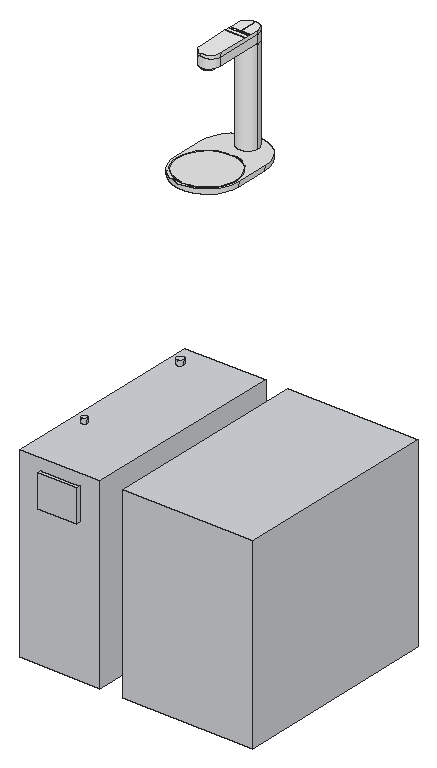
Revit family "BoilingWater_UnderBenchUnit_Rheem_On-TapAzure", category Plumbing Fixtures, Revit 2014
Parameters (values of type "Azure")
  VentConnectionDia = 9.5 mm
  UnderSinkHeight [instance] = 900 mm
  URL = "www.rheem.co.nz"
  TapOption [instance] = TapOption3 : Azure_BaseSinkFree
  TapHole-SinkEdgeMax = 85 mm
  SupplyInletDia = 15 mm
  PlumbingMaterial_ANZRS = Stainless Steel, Polished
  OutletFor3/4"IDHose = 19.1 mm
  ModifiedIssue_ANZRS = 151224.01
  MinWaterPressure = "100kPa"
  MaxWaterPressure = "1000kPa"
  Manufacturer = "Rheem"
  FilteredOutletDia = 6.4 mm
  DrainHoleRad = 25 mm
  Default Elevation = 1219.2 mm
  CreatedBy_ANZRS = "BIM Library NZ Ltd"
  CreatedByURL_ANZRS = "www.bimlibrary.co.nz"
  ChillerOption [instance] = ChillerOption2 : 6L Chiller
  BoilingWaterUnitLocation = "Within 1m of the Rheem Tap"
  BoilingOutletDia = 9.5 mm
Reference planes
  plane 1 "Center (Front/Back)": y = 0
  plane 2: z = 0
  plane 3 "Center (Left/Right)": x = 0
  plane 4 "InsertionPoint": z = 199
  plane 5: z = -900
  plane 6: y = -120
  plane 7 "sinkEdgeMAX": y = -85
  plane 8 "Centre of Outlet": y = -110
  plane 9: x = 25
  plane 10: y = -430
Forms (mm)
  Extrusion 1, solid
    sketch origin (0, 0, 0) x (1, 0, 0) y (0, 1, 0)
      loop
        circle (-174.442, 34.956) r 7.5
    from -495 to -485.431
  Extrusion 2, solid, not visible
    sketch origin (0, 0, 0) x (1, 0, 0) y (0, 1, 0)
      loop
        circle (0, -110) r 25
    from -62.193 to 0
  Extrusion 3, solid
    sketch origin (0, -281.536, 0) x (1, 0, 0) y (0, 1, 0)
      loop
        circle (-174.442, 54.956) r 5.5
    from -495 to -485.431
Dimensions and locks
  "UnderSinkHeight": level to plane 5
  plane 4 "InsertionPoint" to plane 2 = 199 mm
  "TapHole-SinkEdgeMax": plane 7 "sinkEdgeMAX" to plane 1 "Center (Front/Back)"
  plane 3 "Center (Left/Right)" to plane 9 = 25 mm
  plane 8 "Centre of Outlet" to plane 1 "Center (Front/Back)" = 110 mm
  "DrainHoleRad": radius of Extrusion 2 sketch curve
  aligned and locked: level to plane 2
  aligned and locked: nested 2 to plane 5
Automatic sketch dimensions
  Extrusion 1 sketch curve to plane 1 "Center (Front/Back)" = 34.956 mm
  Extrusion 1 sketch curve to plane 3 "Center (Left/Right)" = 174.442 mm
  Extrusion 3 sketch curve to plane 3 "Center (Left/Right)" = 174.442 mm
  Extrusion 3 sketch curve to plane 6 = 106.58 mm
  Extrusion 2 sketch curve to plane 3 "Center (Left/Right)" = 0 mm
  Extrusion 2 sketch curve to plane 8 "Centre of Outlet" = 0 mm
  radius of Extrusion 1 sketch curve = 7.5 mm
  radius of Extrusion 3 sketch curve = 5.5 mm
Nested families
  nested 1: "TapOption3" at (0, 0, 0), type <- "TapOption", type "Azure_BaseSinkFree"
  nested 2: "ChillerOption2" at (53.5, -145, -900), type <- "ChillerOption", type "6L Chiller"
Connectors
  piping at (-174.442, 34.956, -485.431), diameter 15, driven by "SupplyInletDia"
    settings: on Extrusion 1, index 5, connector inside diameter 609.6 mm, connector length 0 mm, flow factor 0, pipe flow 0.0 L/s, pressure drop 0.0 Pa, fitting loss kfactor 0, connector angle 0.00°, fixture units 0, engagement length 0 mm, angle of deflection 0.00°, flow configuration 0, flow direction 1, fitting loss method 0, system type 22, joint type 0, gender type 0, connector reference index -1, connector utility 0, adjustable connector no, is connector primary yes, connector description "Supply Inlet RP1/2 15mm"
  piping at (0, -110, -62.193), diameter 19.1, driven by "OutletFor3/4"IDHose"
    settings: on Extrusion 2, index 9, connector inside diameter 609.6 mm, connector length 0 mm, flow factor 0, pipe flow 0.0 L/s, pressure drop 0.0 Pa, fitting loss kfactor 0, connector angle 0.00°, fixture units 0, engagement length 0 mm, angle of deflection 0.00°, flow configuration 0, flow direction 2, fitting loss method 0, system type 22, joint type 0, gender type 0, connector reference index -1, connector utility 0, adjustable connector no, is connector primary no, connector description "Drain"
  electrical at (-174.442, -226.58, -485.431)
    settings: on Extrusion 3, index 10, voltage 230 V, apparent load 10 VA, apparent load phase1 0 VA, apparent load phase2 0 VA, apparent load phase3 0 VA, power factor 1, load classification "Other", number of poles 1, system type 30, power factor state 1, is connector primary yes, connector utility no, sub classification motor no, connector description "Mains 10amp GPO"
Definition of nested family "TapOption3"
  Parameters (values of type "Azure_BaseSinkFree")
    SplitSinkFree [instance] = no
    BaseSinkFree [instance] = no
    Azure_Extension = yes
  Reference planes
    plane 1 "Center (Front/Back)": y = 0
    plane 2: z = 0
    plane 3 "Center (Left/Right)": x = 0
  Forms (mm)
    Extrusion 1, solid, material "Stainless Steel, Polished"
      sketch origin (0, 0, 0) x (1, 0, 0) y (0, 1, 0)
        loop
          arc (-70, -110) -> (0, -180) -> (70, -110) r 70
          line (70, -110) -> (70, -40)
          arc (70, -40) -> (0, 30) -> (-70, -40) r 70
          line (-70, -40) -> (-70, -110)
      from 0 to 9.421
    Extrusion 2, void
      sketch origin (0, 0, 0) x (1, 0, 0) y (0, 1, 0)
        loop
          circle (0, -110) r 65
        loop
          circle (0, -110) r 63.286
      from 5.42 to 62.526
  Cuts and joins
    Extrusion 2 cuts Extrusion 1
  Dimensions and locks
    aligned and locked: level to plane 2
  Nested families
    nested 1: "Azure Extension" at (0, 0, 0), visible <- "Azure_Extension", type "Azure Extension"
  Definition of nested family "Azure Extension"
    Parameters (values of type "Azure Extension")
      PlumbingMaterial_ANZRS = Stainless Steel AISI 304
    Reference planes
      plane 1 "Center (Front/Back)": y = 0
      plane 2: z = 0
      plane 3 "Center (Left/Right)": x = 0
      plane 4: y = -123
      plane 5: z = 232.884
      plane 6: z = 260.335
      plane 7: z = 235.352
      plane 8: z = 232.884
      plane 9: z = 213
      plane 10: z = 221.867
      plane 11: z = 210.249
      plane 12: z = 213
      plane 13: z = 239.451
      plane 14: z = 232.884
    Forms (mm)
      Extrusion 1, solid, material "Stainless Steel AISI 304" <- "PlumbingMaterial_ANZRS"
        sketch origin (0, 0, 0) x (1, 0, 0) y (0, 1, 0)
          loop
            circle (0, 0) r 22
        from 0 to 213
      Extrusion 2, solid, material "Stainless Steel AISI 304" <- "PlumbingMaterial_ANZRS"
        sketch origin (0, 0, 0) x (1, 0, 0) y (0, 1, 0)
          loop
            arc (22, 0) -> (0, 22) -> (-22, 0) r 22
            line (-22, 0) -> (-22, -101)
            arc (-22, -101) -> (0, -123) -> (22, -101) r 22
            line (22, -101) -> (22, 0)
        from 213 to 232.884
      Extrusion 3, solid, material "Stainless Steel AISI 304" <- "PlumbingMaterial_ANZRS"
        sketch origin (0, 0, 82.884) x (1, 0, 0) y (0, 1, 0)
          loop
            arc (22, 0) -> (0, 22) -> (-22, 0) r 22
            line (-22, 0) -> (-22, -101)
            arc (-22, -101) -> (0, -123) -> (22, -101) r 22
            line (22, -101) -> (22, 0)
        from 150 to 156.567
      Extrusion 4, void
        sketch origin (0, 0, 0) x (1, 0, 0) y (0, 1, 0)
          loop
            line (-25.076, -17.29) -> (-25.076, -18.29) -> (25.076, -18.29) -> (25.076, -17.29) -> (0.5, -17.29) -> (0.5, 22.469) -> (-0.5, 22.469) -> (-0.5, -17.29) -> (-25.076, -17.29)
          loop
            line (-25.076, -22.164) -> (-25.076, -23.164) -> (25.076, -23.164) -> (25.076, -22.164) -> (-25.076, -22.164)
          loop
            line (-25.076, -32.164) -> (-25.076, -33.164) -> (25.076, -33.164) -> (25.076, -32.164) -> (-25.076, -32.164)
        from 235.352 to 257.335
      Extrusion 5, solid, material "Stainless Steel AISI 304" <- "PlumbingMaterial_ANZRS"
        sketch origin (0, 0, 0) x (1, 0, 0) y (0, 1, 0)
          loop
            circle (0, -107.025) r 15
        from 210 to 221.867
      Sweep 6, void
        path origin (0, 0, 63) x (0, 1, 0) y (0, 0, 1)
          loop
            line (0, 150) -> (-117.5, 150)
        profile origin (0, -58.75, 213) x (0, 0, -1) y (1, 0, 0)
          loop
            line (-4.08, -25.305) -> (5.826, -25.305) -> (5.826, 26.673) -> (-4.174, 26.673)
            arc (-4.174, 26.673) -> (0.002, 0.691) -> (-4.08, -25.305) r 83.861
    Cuts and joins
      Extrusion 4 cuts Extrusion 1
      Extrusion 4, Sweep 6 cuts Extrusion 2
      Extrusion 4 cuts Extrusion 3
    Dimensions and locks
      level to Extrusion 5 = 210 mm
      plane 4 to plane 1 "Center (Front/Back)" = 123 mm
      aligned and locked: level to plane 2
Definition of nested family "ChillerOption2"
  Parameters (values of type "6L Chiller")
    SupplyInletDia = 15 mm
  Reference planes
    plane 1 "Center (Front/Back)": y = 0
    plane 2: z = 0
    plane 3 "Center (Left/Right)": x = 0
  Forms (mm)
    Extrusion 1, solid
      sketch origin (99.106, 225, 900) x (1, 0, 0) y (0, 1, 0)
        loop
          line (-352.606, 0) -> (-352.606, -450) -> (-177.606, -450) -> (-177.606, 0) -> (-352.606, 0)
      from -900 to -495
    Extrusion 2, solid
      sketch origin (-53.5, 145, 850) x (1, 0, 0) y (0, 0, 1)
        loop
          line (-155, -469.977) -> (-155, -539.977) -> (-70, -539.977) -> (-70, -469.977) -> (-155, -469.977)
      from 370 to 378.366
    Extrusion 3, solid
      sketch origin (-53.5, -225, 900) x (-1, 0, 0) y (0, 0, 1)
        loop
          line (-25, -495) -> (-307, -495) -> (-307, -900) -> (-25, -900) -> (-25, -495)
      from 0 to 450
  Dimensions and locks
    locked: Extrusion 2 to Extrusion 1 at 8.366
    locked: Extrusion 2 to Extrusion 2 at 70
    locked: Extrusion 1 to Extrusion 1 at 450
    locked: Extrusion 3 to Extrusion 3 at 450
    locked: Extrusion 3 to Extrusion 3 at 282
    aligned and locked: level to plane 2
    aligned and locked: Extrusion 2 to Extrusion 1
